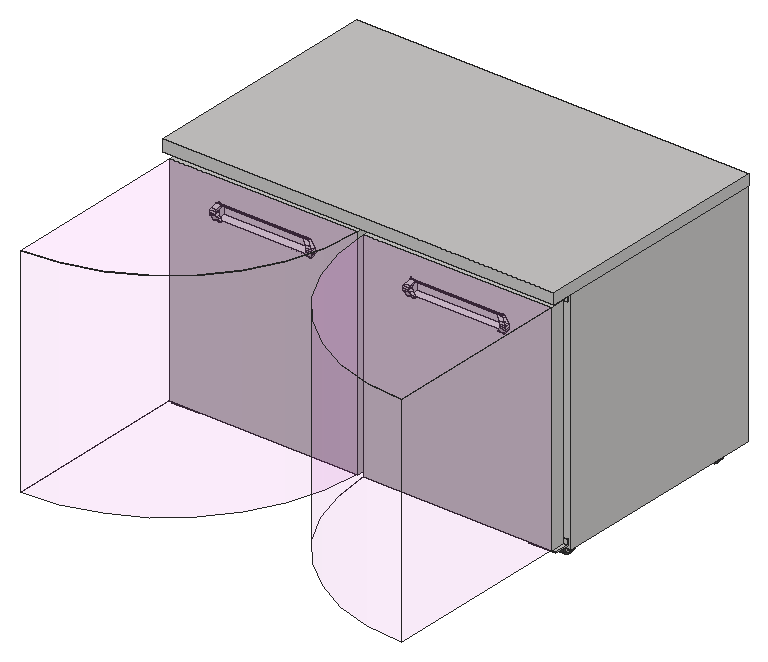
Revit family "Qf_Kelvinator_738332_KCHUC48R-32_2-Door_Under_Counter_Refrigerator_48_Long_32.5_Tall", category Specialty Equipment, Revit 2021
Family settings
  Round Connector Dimension = Use Diameter
  Part Type = Normal
  Work Plane-Based = No
  Always vertical = Yes
  Cut with Voids When Loaded = No
  Shared = No
  Room Calculation Point = No
Parameters
  Weight in Pounds = 176.37
  Watts = if(Phase = 3, Volts * FL Amps * 1.73, Volts * FL Amps)  # 345 W
  Volts = 115 V
  URL Cutsheet = ""
  Specification by User = ""
  Specification by Manufacturer = ""
  Show Clearance [instance] = yes
  Serial Number = ""
  Seismic Rating = ""
  SMACNA No = ""
  Revision Code = ""
  Refrigerant Type = "R600a"
  Phase = 1
  Number of Poles = 1
  NAFEM Spec ID Number = ""
  Model = "738332 (KCHUC48R-32)"
  Min Ckt Ampacity = 0 A
  Max Overcurrent Protection = 0 A
  Masterspec = ""
  Manufacturer = "Kelvinator Commercial"
  Length = 48 1/4"
  Item Number = "738332"
  Installed By = ""
  Identify Quantity as Lot = yes
  Height = 32 1/16"
  HP = "1/8"
  Furnished By = ""
  Foodservice Equipment Identifier = yes
  FL Amps = 3 A
  Electrical Remarks = ""
  Electric Connection Type = ""
  Elec Conn RI Height = 0"
  Elec Conn Connection Height = 0"
  Description = "2-Door Under Counter Refrigerator 48\" Long 32.5\" Tall"
  Depth = 29 15/16"
  Default Elevation = 0"
  Cycle = 60 Hz
  Conn Plug = "5-15P"
  Conn Conduit = yes
  CSI MasterFormat = ""
  Apparent Power = if(Phase = 3, Volts * FL Amps * 1.73, Volts * FL Amps)  # 345 VA
Reference planes (in)
  plane 1 "BACK": y = 0
  plane 2: z = 0
  plane 3 "LEFT": x = 0
  plane 4 "RIGHT": x = 48.22835
  plane 5 "FRONT": y = -29.92126
  plane 6 "TOP": z = 32.08661
  plane 7 "Center Y": x = 24.11417
  plane 8 "Center X": y = -14.96063
  plane 9 "Base Height": z = 2.3622
  plane 10: x = 43.89764
  plane 11: x = 48.25
  plane 12: y = -29.9375
  plane 13: z = 32.0625
Forms (in)
  Extrusion 1, solid, material "QF_Metal - Stainless - Polished"
    sketch origin (0, 0, 32.08661) x (-1, 0, 0) y (0, -1, 0)
      loop
        line (0, 0) -> (0, 29.9375) -> (-48.25, 29.9375) -> (-48.25, 0) -> (0, 0)
    from -0.02411 to -1.37795
  Extrusion 2, solid, material "QF_Metal - Stainless - Polished"
    sketch origin (48.25, 0, 32.08661) x (0, -1, 0) y (0, 0, -1)
      loop
        line (0, 1.37795) -> (27.19734, 1.37795) -> (27.19734, 29.72441) -> (11.81102, 29.72441) -> (11.81102, 20.19685) -> (0, 20.19685) -> (0, 1.37795)
    from -2.30315 to -45.9252
  Extrusion 3, solid, material "QF_Metal - Stainless - Polished"
    sketch origin (0, 0, 0) x (1, 0, 0) y (0, 0, 1)
      loop
        line (2.30315, 2.3622) -> (2.30315, 30.70866) -> (0.09843, 30.70866) -> (0.09843, 2.3622) -> (2.30315, 2.3622)
      loop
        line (48.12992, 30.70866) -> (45.9252, 30.70866) -> (45.9252, 2.3622) -> (48.12992, 2.3622) -> (48.12992, 30.70866)
    from 0 to 27.1811
  Extrusion 4, solid, material "QF_Metal - Stainless - Polished"
    sketch origin (0, 0, 0) x (0, 1, 0) y (0, 0, 1)
      loop
        arc (-27.1811, 30.2126) -> (-27.23876, 30.35179) -> (-27.37795, 30.40945) r 0.19685
        line (-27.37795, 30.40945) -> (-29.08661, 30.40945) -> (-29.08661, 30.29134) -> (-27.29921, 30.29134) -> (-27.29921, 29.66142) -> (-27.1811, 29.66142) -> (-27.1811, 30.2126)
    from 0.45276 to 3.75984
  Extrusion 5, solid, material "QF_Metal - Stainless - Polished"
    sketch origin (0, -27.1811, 0) x (1, 0, 0) y (0, 0, 1)
      loop
        line (23.72047, 29.96063) -> (0.61024, 29.96063) -> (0.61024, 3.16929) -> (23.72047, 3.16929) -> (23.72047, 29.96063)
      loop
        line (24.50787, 29.96063) -> (24.50787, 3.16929) -> (47.61811, 3.16929) -> (47.61811, 29.96063) -> (24.50787, 29.96063)
    from 0.61024 to 2.3937
  Revolve 6, solid, material "QF_Metal - Stainless - Polished"
    sketch origin (1.20079, -180, 31.37695) x (0, 0, 1) y (0, -1, 0)
      loop
        line (-1.41632, -151.31693) -> (-1.41632, -151.45472) -> (-0.9675, -151.45472)
        arc (-0.9675, -151.45472) -> (-0.93232, -151.44015) -> (-0.91774, -151.40497) r 0.04975
        line (-0.91774, -151.40497) -> (-0.91774, -151.31693) -> (-1.41632, -151.31693)
      axis (-0.91774, -151.31693) -> (-1.41632, -151.31693)
    angle from 0 to 360
  Extrusion 7, solid, material "QF_Metal - Stainless - Polished"
    sketch origin (48.22835, 0, 0) x (0, 1, 0) y (0, 0, -1)
      loop
        line (-27.1811, -30.2126) -> (-27.1811, -29.66142) -> (-27.29921, -29.66142) -> (-27.29921, -30.29134) -> (-29.08661, -30.29134) -> (-29.08661, -30.40945) -> (-27.37795, -30.40945)
        arc (-27.37795, -30.40945) -> (-27.23876, -30.35179) -> (-27.1811, -30.2126) r 0.19685
    from 0.45276 to 3.75984
  Revolve 8, solid, material "QF_Metal - Stainless - Polished"
    sketch origin (47.02756, -180, 31.37695) x (0, 0, 1) y (0, 1, 0)
      loop
        line (-1.41632, 151.31693) -> (-0.91774, 151.31693) -> (-0.91774, 151.40497)
        arc (-0.91774, 151.40497) -> (-0.93232, 151.44015) -> (-0.9675, 151.45472) r 0.04975
        line (-0.9675, 151.45472) -> (-1.41632, 151.45472) -> (-1.41632, 151.31693)
      axis (-0.91774, 151.31693) -> (-1.41632, 151.31693)
    angle from 0 to 360
  Extrusion 9, solid, material "QF_Metal - Stainless - Polished"
    sketch origin (0, 0, 33.12992) x (0, 1, 0) y (0, 0, 1)
      loop
        line (-27.1811, -30.2126) -> (-27.1811, -29.66142) -> (-27.29921, -29.66142) -> (-27.29921, -30.29134) -> (-29.08661, -30.29134) -> (-29.08661, -30.40945) -> (-27.37795, -30.40945)
        arc (-27.37795, -30.40945) -> (-27.23876, -30.35179) -> (-27.1811, -30.2126) r 0.19685
    from 0.45276 to 3.75984
  Revolve 10, solid, material "QF_Metal - Stainless - Polished"
    sketch origin (1.20079, -180, 1.75298) x (0, 0, -1) y (0, 1, 0)
      loop
        line (-1.41632, 151.31693) -> (-0.91774, 151.31693) -> (-0.91774, 151.40497)
        arc (-0.91774, 151.40497) -> (-0.93232, 151.44015) -> (-0.9675, 151.45472) r 0.04975
        line (-0.9675, 151.45472) -> (-1.41632, 151.45472) -> (-1.41632, 151.31693)
      axis (-0.91774, 151.31693) -> (-1.41632, 151.31693)
    angle from 0 to 360
  Extrusion 11, solid, material "QF_Metal - Stainless - Polished"
    sketch origin (48.22835, 0, 33.12992) x (0, 1, 0) y (0, 0, -1)
      loop
        arc (-27.1811, 30.2126) -> (-27.23876, 30.35179) -> (-27.37795, 30.40945) r 0.19685
        line (-27.37795, 30.40945) -> (-29.08661, 30.40945) -> (-29.08661, 30.29134) -> (-27.29921, 30.29134) -> (-27.29921, 29.66142) -> (-27.1811, 29.66142) -> (-27.1811, 30.2126)
    from 0.45276 to 3.75984
  Revolve 12, solid, material "QF_Metal - Stainless - Polished"
    sketch origin (47.02756, -180, 1.75298) x (0, 0, -1) y (0, -1, 0)
      loop
        line (-1.41632, -151.31693) -> (-1.41632, -151.45472) -> (-0.9675, -151.45472)
        arc (-0.9675, -151.45472) -> (-0.93232, -151.44015) -> (-0.91774, -151.40497) r 0.04975
        line (-0.91774, -151.40497) -> (-0.91774, -151.31693) -> (-1.41632, -151.31693)
      axis (-0.91774, -151.31693) -> (-1.41632, -151.31693)
    angle from 0 to 360
  Extrusion 13, void
    sketch origin (0.61024, -27.1811, 30.40945) x (0, 0, 1) y (0, 1, 0)
      loop
        line (-3.18898, -2.3937) -> (-2.568, -2.10413) -> (-2.568, -1.51358) -> (-4.86745, -1.51358) -> (-5.10327, -2.3937) -> (-5.10327, -2.89858) -> (-3.18898, -2.89858) -> (-3.18898, -2.3937)
    from -5.95737 to -17.20361
  Extrusion 14, solid, material "QF_Metal - Stainless - Polished"
    sketch origin (0.61024, -27.1811, 30.40945) x (0, 0, 1) y (0, 1, 0)
      loop
        arc (-4.01855, -2.88583) -> (-3.90374, -2.87427) -> (-3.79354, -2.84005) r 0.57588
        line (-3.79354, -2.84005) -> (-3.2345, -2.60275)
        arc (-3.2345, -2.60275) -> (-3.20123, -2.5711) -> (-3.18898, -2.52684) r 0.08605
        line (-3.18898, -2.52684) -> (-3.18898, -2.3937) -> (-5.15748, -2.3937) -> (-5.15748, -2.52684)
        arc (-5.15748, -2.52684) -> (-5.14523, -2.5711) -> (-5.11196, -2.60275) r 0.08605
        line (-5.11196, -2.60275) -> (-4.55294, -2.84004)
        arc (-4.55294, -2.84004) -> (-4.44272, -2.87426) -> (-4.32788, -2.88583) r 0.57598
        line (-4.32788, -2.88583) -> (-4.01855, -2.88583)
    from -5.01972 to -18.08409
  Extrusion 15, void
    sketch origin (0, -29.5748, 0) x (1, 0, 0) y (0, 0, 1)
      loop
        arc (6.17507, 25.29885) -> (6.21236, 25.26444) -> (6.26155, 25.25197) r 0.10321
        line (6.26155, 25.25197) -> (6.99338, 25.25197)
        arc (6.99338, 25.25197) -> (7.02283, 25.2695) -> (7.02145, 25.30374) r 0.0335
        line (7.02145, 25.30374) -> (6.65868, 25.86078)
        arc (6.65868, 25.86078) -> (6.59086, 26.00753) -> (6.56761, 26.16752) r 0.5621
        line (6.56761, 26.16752) -> (6.56761, 26.29014)
        arc (6.56761, 26.29014) -> (6.5829, 26.38951) -> (6.62737, 26.47968) r 0.33045
        line (6.62737, 26.47968) -> (7.04008, 27.06909)
        arc (7.04008, 27.06909) -> (7.11044, 27.13079) -> (7.20133, 27.15304) r 0.19685
        line (7.20133, 27.15304) -> (17.1466, 27.15304)
        arc (17.1466, 27.15304) -> (17.2375, 27.13079) -> (17.30785, 27.06909) r 0.19685
        line (17.30785, 27.06909) -> (17.72057, 26.47968)
        arc (17.72057, 26.47968) -> (17.76503, 26.38951) -> (17.78033, 26.29014) r 0.33045
        line (17.78033, 26.29014) -> (17.78033, 26.16752)
        arc (17.78033, 26.16752) -> (17.75708, 26.00753) -> (17.68925, 25.86078) r 0.5621
        line (17.68925, 25.86078) -> (17.32649, 25.30374)
        arc (17.32649, 25.30374) -> (17.32511, 25.2695) -> (17.35456, 25.25197) r 0.0335
        line (17.35456, 25.25197) -> (18.08638, 25.25197)
        arc (18.08638, 25.25197) -> (18.13557, 25.26444) -> (18.17287, 25.29885) r 0.10321
        line (18.17287, 25.29885) -> (18.46505, 25.74751)
        arc (18.46505, 25.74751) -> (18.51488, 25.8618) -> (18.5247, 25.98609) r 0.37698
        line (18.5247, 25.98609) -> (18.50135, 26.253)
        arc (18.50135, 26.253) -> (18.48126, 26.34359) -> (18.43842, 26.42589) r 0.35543
        line (18.43842, 26.42589) -> (17.93812, 27.14039)
        arc (17.93812, 27.14039) -> (17.871, 27.19925) -> (17.78429, 27.22047) r 0.1878
        line (17.78429, 27.22047) -> (6.56365, 27.22047)
        arc (6.56365, 27.22047) -> (6.47693, 27.19925) -> (6.40981, 27.14039) r 0.1878
        line (6.40981, 27.14039) -> (5.90952, 26.42589)
        arc (5.90952, 26.42589) -> (5.86667, 26.34359) -> (5.84659, 26.253) r 0.35543
        line (5.84659, 26.253) -> (5.82324, 25.98609)
        arc (5.82324, 25.98609) -> (5.83306, 25.8618) -> (5.88288, 25.74751) r 0.37698
        line (5.88288, 25.74751) -> (6.17507, 25.29885)
      loop
        line (5.45539, 27.70848) -> (5.45539, 24.83052) -> (18.87532, 24.83052) -> (18.87532, 27.70848) -> (5.45539, 27.70848)
      loop
        line (42.05328, 25.29885) -> (42.34546, 25.74751)
        arc (42.34546, 25.74751) -> (42.39529, 25.8618) -> (42.40511, 25.98609) r 0.37698
        line (42.40511, 25.98609) -> (42.38176, 26.253)
        arc (42.38176, 26.253) -> (42.36167, 26.34359) -> (42.31883, 26.42589) r 0.35543
        line (42.31883, 26.42589) -> (41.81853, 27.14039)
        arc (41.81853, 27.14039) -> (41.75141, 27.19925) -> (41.6647, 27.22047) r 0.1878
        line (41.6647, 27.22047) -> (30.44406, 27.22047)
        arc (30.44406, 27.22047) -> (30.35734, 27.19925) -> (30.29022, 27.14039) r 0.1878
        line (30.29022, 27.14039) -> (29.78993, 26.42589)
        arc (29.78993, 26.42589) -> (29.74708, 26.34359) -> (29.727, 26.253) r 0.35543
        line (29.727, 26.253) -> (29.70365, 25.98609)
        arc (29.70365, 25.98609) -> (29.71347, 25.8618) -> (29.7633, 25.74751) r 0.37698
        line (29.7633, 25.74751) -> (30.05548, 25.29885)
        arc (30.05548, 25.29885) -> (30.09278, 25.26444) -> (30.14196, 25.25197) r 0.10321
        line (30.14196, 25.25197) -> (30.87379, 25.25197)
        arc (30.87379, 25.25197) -> (30.90324, 25.2695) -> (30.90186, 25.30374) r 0.0335
        line (30.90186, 25.30374) -> (30.5391, 25.86078)
        arc (30.5391, 25.86078) -> (30.47127, 26.00753) -> (30.44802, 26.16752) r 0.5621
        line (30.44802, 26.16752) -> (30.44802, 26.29014)
        arc (30.44802, 26.29014) -> (30.46331, 26.38951) -> (30.50778, 26.47968) r 0.33045
        line (30.50778, 26.47968) -> (30.92049, 27.06909)
        arc (30.92049, 27.06909) -> (30.99085, 27.13079) -> (31.08174, 27.15304) r 0.19685
        line (31.08174, 27.15304) -> (41.02701, 27.15304)
        arc (41.02701, 27.15304) -> (41.11791, 27.13079) -> (41.18826, 27.06909) r 0.19685
        line (41.18826, 27.06909) -> (41.60098, 26.47968)
        arc (41.60098, 26.47968) -> (41.64544, 26.38951) -> (41.66074, 26.29014) r 0.33045
        line (41.66074, 26.29014) -> (41.66074, 26.16752)
        arc (41.66074, 26.16752) -> (41.63749, 26.00753) -> (41.56966, 25.86078) r 0.5621
        line (41.56966, 25.86078) -> (41.2069, 25.30374)
        arc (41.2069, 25.30374) -> (41.20552, 25.2695) -> (41.23497, 25.25197) r 0.0335
        line (41.23497, 25.25197) -> (41.96679, 25.25197)
        arc (41.96679, 25.25197) -> (42.01598, 25.26444) -> (42.05328, 25.29885) r 0.10321
      loop
        line (42.77296, 27.70848) -> (29.35303, 27.70848) -> (29.35303, 24.83052) -> (42.77296, 24.83052) -> (42.77296, 27.70848)
    from 0 to 0.84096
  Extrusion 16, void
    sketch origin (35.80709, -27.1811, 30.40945) x (0, 0, 1) y (0, -1, 0)
      loop
        line (-3.18898, 2.3937) -> (-3.18898, 2.89858) -> (-5.10327, 2.89858) -> (-5.10327, 2.3937) -> (-4.86745, 1.51358) -> (-2.568, 1.51358) -> (-2.568, 2.10413) -> (-3.18898, 2.3937)
    from 5.85365 to -5.47244
  Extrusion 17, solid, material "QF_Metal - Stainless - Polished"
    sketch origin (47.61811, -27.1811, 3.16929) x (0, 0, 1) y (0, -1, 0)
      loop
        line (24.00566, 2.60275) -> (23.44662, 2.84005)
        arc (23.44662, 2.84005) -> (23.33642, 2.87427) -> (23.22161, 2.88583) r 0.57588
        line (23.22161, 2.88583) -> (22.91227, 2.88583)
        arc (22.91227, 2.88583) -> (22.79744, 2.87426) -> (22.68722, 2.84004) r 0.57598
        line (22.68722, 2.84004) -> (22.1282, 2.60275)
        arc (22.1282, 2.60275) -> (22.09493, 2.5711) -> (22.08268, 2.52684) r 0.08605
        line (22.08268, 2.52684) -> (22.08268, 2.3937) -> (24.05118, 2.3937) -> (24.05118, 2.52684)
        arc (24.05118, 2.52684) -> (24.03893, 2.5711) -> (24.00566, 2.60275) r 0.08605
    from -5.02735 to -18.07454
  Extrusion 18, solid, material "QF_Metal - Stainless - Polished"
    sketch origin (0.09843, 0, 2.3622) x (0, 0, 1) y (0, 1, 0)
      loop
        line (0, -11.81102) -> (0, 0) -> (-0.70866, 0) -> (-0.70866, -0.31496) -> (-0.64961, -0.31496) -> (-0.64961, -0.05906) -> (-0.05906, -0.05906) -> (-0.05906, -11.75197) -> (-0.64961, -11.75197) -> (-0.64961, -11.49606) -> (-0.70866, -11.49606) -> (-0.70866, -11.81102) -> (0, -11.81102)
      loop
        line (0, -27.02362) -> (0, -21.82677) -> (-0.70866, -21.82677) -> (-0.70866, -22.14173) -> (-0.64961, -22.14173) -> (-0.64961, -21.88583) -> (-0.05906, -21.88583) -> (-0.05906, -27.02362) -> (0, -27.02362)
    from -0.94882 to -47.08268
  Extrusion 19, solid, material "QF_Metal - Stainless - Polished"
    sketch origin (0, 0, 0) x (-1, 0, 0) y (0, 0, 1)
      loop
        line (-2.30315, 11.88976) -> (-45.9252, 11.88976) -> (-45.9252, 2.3622) -> (-2.30315, 2.3622) -> (-2.30315, 11.88976)
    from 0 to -0.0626
  Extrusion 20, solid, material "QF_Rubber - Black - Smooth"
    sketch origin (-0.3937, 0, 0) x (-1, 0, 0) y (0, 0, 1)
      loop
        circle (-44.29134, 10.77165) r 0.25
    from 0 to 0.0626
  Extrusion 21, solid, material "QF_Clearances_Door_Drawer", visible <- "Show Clearance"
    sketch origin (18.60236, -27.1811, 3.16929) x (0, -1, 0) y (-1, 0, 0)
      loop
        line (2.3937, -5.90551) -> (2.3937, -29.01575) -> (25.50394, -29.01575)
        arc (25.50394, -29.01575) -> (18.73511, -12.67434) -> (2.3937, -5.90551) r 23.11024
      loop
        arc (2.3937, -5.11811) -> (18.73511, 1.65072) -> (25.50394, 17.99213) r 23.11024
        line (25.50394, 17.99213) -> (2.3937, 17.99213) -> (2.3937, -5.11811)
    from 0 to -26.79134
  Extrusion 22, solid, material "QF_Rubber - Black - Smooth"
    sketch origin (0, -27.79134, 0) x (-1, 0, 0) y (0, 0, 1)
      loop
        line (-1.11024, 29.46063) -> (-23.22047, 29.46063) -> (-23.22047, 3.66929) -> (-1.11024, 3.66929) -> (-1.11024, 29.46063)
      loop
        line (-47.11811, 29.46063) -> (-47.11811, 3.66929) -> (-25.00787, 3.66929) -> (-25.00787, 29.46063) -> (-47.11811, 29.46063)
    from 0 to 0.61024
Cuts and joins
  joined: Extrusion 2, Extrusion 3
  Extrusion 13, Extrusion 16 cuts Extrusion 5
  Extrusion 15, Extrusion 16 cuts Extrusion 14
  Extrusion 15 cuts Extrusion 17
Lines and regions (in)
  symbolic lines
    curve 1: line (0, 0, 32.08661) -> (48.25, 0, 32.08661)
    curve 2: line (0, -29.9375, 32.08661) -> (0, 0, 32.08661)
    curve 3: line (48.25, -29.9375, 32.08661) -> (0, -29.9375, 32.08661)
    curve 4: line (48.25, 0, 32.08661) -> (48.25, -29.9375, 32.08661)
  symbolic lines, style "QF_Clearances_Door_Drawer", visible <- "Show Clearance"
    curve 5: line (46.9899, -29.9375, 32.08661) -> (27.60406, -41.12992, 32.08661)
    curve 6: arc (27.60406, -41.12992, 32.08661) -> (25.34296, -35.73116, 32.08661) -> (24.51072, -29.9375, 32.08661) r 23.11024
    curve 7: line (1.23845, -29.9375, 32.08661) -> (20.62429, -41.12992, 32.08661)
    curve 8: arc (20.62429, -41.12992, 32.08661) -> (22.88539, -35.73116, 32.08661) -> (23.71763, -29.9375, 32.08661) r 23.11024
Dimensions and locks (in)
  equal spacing: plane 3 "LEFT", plane 7 "Center Y", plane 4 "RIGHT"
  plane 3 "LEFT" to plane 4 "RIGHT" = 48.22835"
  equal spacing: plane 5 "FRONT", plane 8 "Center X", plane 1 "BACK"
  plane 5 "FRONT" to plane 1 "BACK" = 29.92126"
  plane 6 "TOP" to level = 32.08661"
  plane 9 "Base Height" to level = 2.3622"
  plane 6 "TOP" to plane 9 "Base Height" = 29.72441"
  plane 10 to plane 4 "RIGHT" = 4.33071"
  plane 3 "LEFT" to plane 11 = 48 1/4"
  plane 12 to plane 1 "BACK" = 29 15/16"
  plane 13 to level = 32 1/16"
  aligned and locked: level to plane 2
Automatic sketch dimensions
  plane 1 "BACK" to Extrusion 1 sketch curve = 0"
  Extrusion 1 sketch curve to plane 4 "RIGHT" = 0.02165"
  Extrusion 1 sketch curve to plane 3 "LEFT" = 0"
  plane 5 "FRONT" to Extrusion 1 sketch curve = 0.01624"
  Extrusion 2 sketch curve to Extrusion 1 = 0"  (x2)
  Extrusion 1 to Extrusion 2 sketch curve = 11.81102"
  Extrusion 1 to Extrusion 2 sketch curve = 2.74016"
  Extrusion 2 sketch curve to Extrusion 1 = 18.8189"
  Extrusion 2 sketch curve to Extrusion 2 sketch curve = 9.52756"
  Extrusion 3 sketch curve to plane 9 "Base Height" = 0"  (x2)
  plane 3 "LEFT" to Extrusion 3 sketch curve = 0.09843"
  Extrusion 3 sketch curve to Extrusion 3 sketch curve = 2.20472"
  plane 4 "RIGHT" to Extrusion 3 sketch curve = 2.30315"
  plane 4 "RIGHT" to Extrusion 3 sketch curve = 0.09843"
  Extrusion 3 sketch curve to plane 6 "TOP" = 1.37795"  (x2)
  Extrusion 4 sketch curve to plane 5 "FRONT" = 0.83465"
  Extrusion 4 sketch curve to Extrusion 4 sketch curve = 1.70866"
  Extrusion 4 sketch curve to Extrusion 4 sketch curve = 0.07874"
  Extrusion 4 sketch curve to Extrusion 4 sketch curve = 0.11811"  (x2)
  Extrusion 4 sketch curve to plane 6 "TOP" = 2.4252"
  Extrusion 4 sketch curve to Extrusion 4 sketch curve = 0.55118"
  Revolve 6 sketch curve to plane 6 "TOP" = 2.12598"
  Revolve 6 sketch curve to Revolve 6 sketch curve = 0.44882"
  Revolve 6 sketch curve to Revolve 6 sketch curve = 0.04975"
  Revolve 6 sketch curve to plane 5 "FRONT" = 1.37598"
  Revolve 6 sketch curve to Revolve 6 sketch curve = 0.1378"
  Revolve 6 sketch curve to Revolve 6 sketch curve = 0.68421"
  Revolve 6 sketch curve to Revolve 6 sketch curve = 0"  (x2)
  Extrusion 7 sketch curve to plane 5 "FRONT" = 0.83465"
  Extrusion 7 sketch curve to Extrusion 7 sketch curve = 1.70866"
  Extrusion 7 sketch curve to Extrusion 7 sketch curve = 0.07874"  (x2)
  Extrusion 7 sketch curve to Extrusion 7 sketch curve = 0.11811"
  Extrusion 7 sketch curve to plane 6 "TOP" = 1.67717"
  Extrusion 7 sketch curve to Extrusion 7 sketch curve = 0.55118"
  Revolve 8 sketch curve to plane 6 "TOP" = 2.12598"
  Revolve 8 sketch curve to Revolve 8 sketch curve = 0.44882"
  Revolve 8 sketch curve to Revolve 8 sketch curve = 0.04975"
  Revolve 8 sketch curve to plane 5 "FRONT" = 1.23819"
  Revolve 8 sketch curve to Revolve 8 sketch curve = 0.08804"
  Revolve 8 sketch curve to Revolve 8 sketch curve = 0.68421"
  Revolve 8 sketch curve to Revolve 8 sketch curve = 0"  (x2)
  Extrusion 9 sketch curve to plane 5 "FRONT" = 0.83465"
  plane 9 "Base Height" to Extrusion 9 sketch curve = 0.35827"
  Extrusion 9 sketch curve to Extrusion 9 sketch curve = 1.70866"
  Extrusion 9 sketch curve to Extrusion 9 sketch curve = 0.07874"  (x2)
  Extrusion 9 sketch curve to Extrusion 9 sketch curve = 0.11811"
  Extrusion 9 sketch curve to Extrusion 9 sketch curve = 0.55118"
  plane 9 "Base Height" to Revolve 10 sketch curve = 0.80709"
  plane 9 "Base Height" to Revolve 10 sketch curve = 0.35827"
  Revolve 10 sketch curve to Revolve 10 sketch curve = 0.04975"
  Revolve 10 sketch curve to plane 5 "FRONT" = 1.23819"
  Revolve 10 sketch curve to Revolve 10 sketch curve = 0.08804"
  Revolve 10 sketch curve to Revolve 10 sketch curve = 0.68421"
  Revolve 10 sketch curve to Revolve 10 sketch curve = 0"  (x2)
  Extrusion 11 sketch curve to plane 5 "FRONT" = 0.83465"
  plane 9 "Base Height" to Extrusion 11 sketch curve = 0.35827"
  Extrusion 11 sketch curve to Extrusion 11 sketch curve = 1.70866"
  Extrusion 11 sketch curve to Extrusion 11 sketch curve = 0.07874"
  Extrusion 11 sketch curve to Extrusion 11 sketch curve = 0.11811"  (x2)
  Extrusion 11 sketch curve to Extrusion 11 sketch curve = 0.55118"
  plane 9 "Base Height" to Revolve 12 sketch curve = 0.80709"
  plane 9 "Base Height" to Revolve 12 sketch curve = 0.35827"
  Revolve 12 sketch curve to Revolve 12 sketch curve = 0.04975"
  Revolve 12 sketch curve to plane 5 "FRONT" = 1.37598"
  Revolve 12 sketch curve to Revolve 12 sketch curve = 0.1378"
  Revolve 12 sketch curve to Revolve 12 sketch curve = 0.68421"
  Revolve 12 sketch curve to Revolve 12 sketch curve = 0"  (x2)
  Extrusion 13 sketch curve to Extrusion 5 = 0"  (x2)
  Extrusion 5 to Extrusion 13 sketch curve = 4.65445"
  Extrusion 13 sketch curve to Extrusion 13 sketch curve = 0.23583"
  Extrusion 13 sketch curve to Extrusion 13 sketch curve = 1.67847"
  Extrusion 5 to Extrusion 13 sketch curve = 0.28957"
  Extrusion 13 sketch curve to Extrusion 13 sketch curve = 0.62098"
  Extrusion 13 sketch curve to Extrusion 5 = 0.50488"
  Extrusion 13 sketch curve to Extrusion 13 sketch curve = 0.59055"
  Extrusion 14 sketch curve to Extrusion 5 = 0"
  Extrusion 14 sketch curve to Extrusion 5 = 0.13314"  (x2)
  Extrusion 5 to Extrusion 14 sketch curve = 4.70866"
  Extrusion 14 sketch curve to Extrusion 5 = 0.20905"  (x2)
  Extrusion 14 sketch curve to Extrusion 14 sketch curve = 0.04552"
  Extrusion 14 sketch curve to Extrusion 5 = 0.44634"
  Extrusion 14 sketch curve to Extrusion 14 sketch curve = 0.51849"
  Extrusion 14 sketch curve to Extrusion 14 sketch curve = 0.22505"
  Extrusion 14 sketch curve to Extrusion 14 sketch curve = 0.30933"
  Extrusion 14 sketch curve to Extrusion 5 = 0.44635"
  Extrusion 14 sketch curve to Extrusion 14 sketch curve = 0.22501"
  Extrusion 14 sketch curve to Extrusion 14 sketch curve = 0.51851"
  Extrusion 14 sketch curve to Extrusion 14 sketch curve = 0.04053"
  Extrusion 14 sketch curve to Extrusion 14 sketch curve = 0.04578"
  Extrusion 16 sketch curve to plane 5 "FRONT" = 0.34646"  (x2)
  Extrusion 16 sketch curve to plane 6 "TOP" = 6.78044"
  Extrusion 16 sketch curve to Extrusion 16 sketch curve = 0.23583"
  Extrusion 16 sketch curve to Extrusion 16 sketch curve = 1.67847"
  Extrusion 16 sketch curve to Extrusion 16 sketch curve = 0.62098"
  Extrusion 16 sketch curve to plane 5 "FRONT" = 0.63603"
  Extrusion 16 sketch curve to Extrusion 16 sketch curve = 0.88012"
  plane 5 "FRONT" to Extrusion 16 sketch curve = 0.15842"
  Extrusion 17 sketch curve to Extrusion 5 = 0"
  Extrusion 17 sketch curve to Extrusion 5 = 4.70866"
  Extrusion 17 sketch curve to Extrusion 5 = 0.20905"  (x2)
  Extrusion 17 sketch curve to Extrusion 17 sketch curve = 0.04552"
  Extrusion 17 sketch curve to Extrusion 17 sketch curve = 0.04053"  (x2)
  Extrusion 17 sketch curve to Extrusion 5 = 0.44634"
  Extrusion 17 sketch curve to Extrusion 17 sketch curve = 0.51849"
  Extrusion 17 sketch curve to Extrusion 17 sketch curve = 0.22505"
  Extrusion 5 to Extrusion 17 sketch curve = 0.08375"
  Extrusion 17 sketch curve to Extrusion 17 sketch curve = 0.30933"
  Extrusion 17 sketch curve to Extrusion 5 = 0.44635"
  Extrusion 17 sketch curve to Extrusion 17 sketch curve = 0.22501"
  Extrusion 17 sketch curve to Extrusion 5 = 0.13314"
  Extrusion 17 sketch curve to Extrusion 17 sketch curve = 0.51851"
  Extrusion 3 to Extrusion 19 sketch curve = 0"
  Extrusion 19 sketch curve to Extrusion 3 = 0"  (x2)
  Extrusion 19 sketch curve to Extrusion 3 = 9.52756"
  Extrusion 20 sketch curve to Extrusion 19 = 2.02756"
  Extrusion 20 sketch curve to Extrusion 19 = 1.11811"
  Extrusion 22 sketch curve to Extrusion 5 = 1/2"  (x8)
  plane 1 "BACK" to curve 1 = 0"
  curve 1 to plane 4 "RIGHT" = 0.02165"
  plane 5 "FRONT" to curve 6 = 0.01624"
  curve 2 to plane 3 "LEFT" = 0"
  plane 4 "RIGHT" to curve 6 = 0.61024"
  plane 7 "Center Y" to curve 5 = 3.48989"
  curve 7 to plane 7 "Center Y" = 3.48989"
  plane 3 "LEFT" to curve 8 = 0.61024"
  curve 6 to plane 5 "FRONT" = 0.34646"
  curve 8 to plane 5 "FRONT" = 0.34646"
  plane 5 "FRONT" to curve 5 = 11.20866"
  curve 7 to curve 5 = 0"
  curve 6 to curve 5 = 0.62821"
  curve 7 to curve 8 = 0.62821"
  Extrusion 5 sketch curve to Extrusion 3 = 0.51181"  (x2)
  Extrusion 5 sketch curve to Extrusion 3 = 0.74803"  (x2)
  Extrusion 3 to Extrusion 5 sketch curve = 21.41732"
  Extrusion 5 sketch curve to Extrusion 5 sketch curve = 0.7874"
  Extrusion 5 sketch curve to Extrusion 3 = 0.80709"
  Extrusion 5 sketch curve to Extrusion 5 sketch curve = 0"
  Extrusion 18 sketch curve to Extrusion 3 = 0"  (x3)
  Extrusion 18 sketch curve to Extrusion 3 = 0.05906"  (x2)
  Extrusion 3 to Extrusion 18 sketch curve = 0.05906"
  Extrusion 18 sketch curve to Extrusion 18 sketch curve = 0.59055"  (x3)
  Extrusion 18 sketch curve to Extrusion 18 sketch curve = 0.05906"  (x5)
  Extrusion 18 sketch curve to Extrusion 18 sketch curve = 0.25591"  (x3)
  Extrusion 18 sketch curve to Extrusion 18 sketch curve = 11.1811"
  Extrusion 18 sketch curve to Extrusion 18 sketch curve = 10.01575"
  Extrusion 3 to Extrusion 18 sketch curve = 0.15748"
  Extrusion 5 to Extrusion 21 sketch curve = 0"
  Extrusion 21 sketch curve to Extrusion 5 = 0"  (x3)
  Extrusion 5 to Extrusion 21 sketch curve = 23.11024"
  Extrusion 21 sketch curve to Extrusion 5 = 0.7874"
  Extrusion 15 sketch curve to Extrusion 5 = 2.25215"
  Extrusion 15 sketch curve to Extrusion 5 = 4.84515"  (x2)
  Extrusion 15 sketch curve to Extrusion 15 sketch curve = 0.36785"
  Extrusion 15 sketch curve to Extrusion 15 sketch curve = 0.02335"  (x2)
  Extrusion 15 sketch curve to Extrusion 5 = 4.21312"  (x2)
  Extrusion 15 sketch curve to Extrusion 15 sketch curve = 0.05965"  (x4)
  Extrusion 15 sketch curve to Extrusion 5 = 3.53474"  (x2)
  Extrusion 15 sketch curve to Extrusion 15 sketch curve = 0.06293"  (x4)
  Extrusion 15 sketch curve to Extrusion 15 sketch curve = 0.29218"  (x2)
  Extrusion 15 sketch curve to Extrusion 15 sketch curve = 0.3159"  (x4)
  Extrusion 15 sketch curve to Extrusion 15 sketch curve = 0.00189"  (x4)
  Extrusion 15 sketch curve to Extrusion 15 sketch curve = 0.08648"  (x4)
  Extrusion 15 sketch curve to Extrusion 5 = 2.82024"  (x4)
  Extrusion 15 sketch curve to Extrusion 15 sketch curve = 0.5003"  (x2)
  Extrusion 15 sketch curve to Extrusion 15 sketch curve = 0.15384"  (x2)
  Extrusion 15 sketch curve to Extrusion 15 sketch curve = 0.36694"  (x4)
  Extrusion 15 sketch curve to Extrusion 5 = 3.48095"  (x4)
  Extrusion 15 sketch curve to Extrusion 15 sketch curve = 0.05976"  (x4)
  Extrusion 15 sketch curve to Extrusion 5 = 4.09985"  (x2)
  Extrusion 15 sketch curve to Extrusion 15 sketch curve = 0.09108"  (x2)
  Extrusion 15 sketch curve to Extrusion 15 sketch curve = 0.27069"  (x4)
  Extrusion 15 sketch curve to Extrusion 15 sketch curve = 0.3347"  (x2)
  Extrusion 15 sketch curve to Extrusion 5 = 4.65689"  (x4)
  Extrusion 15 sketch curve to Extrusion 15 sketch curve = 0.02807"  (x4)
  Extrusion 15 sketch curve to Extrusion 5 = 2.89154"  (x4)
  Extrusion 15 sketch curve to Extrusion 15 sketch curve = 0.47643"  (x2)
  Extrusion 15 sketch curve to Extrusion 15 sketch curve = 0.23164"  (x4)
  Extrusion 15 sketch curve to Extrusion 15 sketch curve = 0.16125"  (x4)
  Extrusion 15 sketch curve to Extrusion 5 = 6.57387"
  Extrusion 15 sketch curve to Extrusion 15 sketch curve = 0.07163"  (x2)
  Extrusion 15 sketch curve to Extrusion 15 sketch curve = 0.10826"  (x2)
  Extrusion 15 sketch curve to Extrusion 15 sketch curve = 0.23938"  (x2)
  Extrusion 15 sketch curve to Extrusion 15 sketch curve = 0.47644"  (x2)
  Extrusion 15 sketch curve to Extrusion 15 sketch curve = 0.15383"  (x2)
  Extrusion 15 sketch curve to Extrusion 15 sketch curve = 0.39713"  (x2)
  Extrusion 15 sketch curve to Extrusion 15 sketch curve = 0.29115"  (x2)
  Extrusion 15 sketch curve to Extrusion 5 = 3.70763"  (x2)
  Extrusion 15 sketch curve to Extrusion 5 = 3.97454"  (x2)
  Extrusion 15 sketch curve to Extrusion 15 sketch curve = 0.9372"
  Extrusion 15 sketch curve to Extrusion 15 sketch curve = 0.35062"
  Extrusion 15 sketch curve to Extrusion 5 = 3.00444"
  Extrusion 15 sketch curve to Extrusion 5 = 6.5911"
  Extrusion 15 sketch curve to Extrusion 15 sketch curve = 0.71968"
  Extrusion 15 sketch curve to Extrusion 15 sketch curve = 0.44866"  (x2)
  Extrusion 15 sketch curve to Extrusion 15 sketch curve = 0.68724"  (x2)
  Extrusion 15 sketch curve to Extrusion 15 sketch curve = 0.01828"  (x4)
  Extrusion 15 sketch curve to Extrusion 15 sketch curve = 0.46833"  (x2)
  Extrusion 15 sketch curve to Extrusion 15 sketch curve = 0.23858"  (x2)
  Extrusion 15 sketch curve to Extrusion 15 sketch curve = 0.42936"  (x2)
  Extrusion 15 sketch curve to Extrusion 15 sketch curve = 0.20572"  (x2)
  Extrusion 15 sketch curve to Extrusion 15 sketch curve = 0.26879"  (x4)
  Extrusion 15 sketch curve to Extrusion 15 sketch curve = 0.11291"
  Extrusion 15 sketch curve to Extrusion 15 sketch curve = 0.10772"  (x2)
  Extrusion 15 sketch curve to Extrusion 15 sketch curve = 0.56809"
  radius of Extrusion 20 sketch curve = 1/4"
Nested families (in)
  nested 1: "2 INCHES_CASTER" at (45.25197, -2.16535, 0), type "2 INCHES_CASTER"
    with Type Mark "", Specification by User "", Revision Code "", Item Number "", Installed By "", Identify Quantity as Lot yes, Furnished By "", Foodservice Equipment Identifier yes, 2.5 Inches Caster yes
  nested 2: "2 INCHES_CASTER" at (45.25197, -25.01575, 0), type "2 INCHES_CASTER"
    with Type Mark "", Specification by User "", Revision Code "", Item Number "", Installed By "", Identify Quantity as Lot yes, Furnished By "", Foodservice Equipment Identifier yes, 2.5 Inches Caster yes
  nested 3: "2 INCHES_CASTER" at (2.97638, -2.16535, 0), type "2 INCHES_CASTER"
    with Type Mark "", Specification by User "", Revision Code "", Item Number "", Installed By "", Identify Quantity as Lot yes, Furnished By "", Foodservice Equipment Identifier yes, 2.5 Inches Caster yes
  nested 4: "2 INCHES_CASTER" at (2.97638, -25.01575, 0), type "2 INCHES_CASTER"
    with Type Mark "", Specification by User "", Revision Code "", Item Number "", Installed By "", Identify Quantity as Lot yes, Furnished By "", Foodservice Equipment Identifier yes, 2.5 Inches Caster yes
Connectors (in)
  electrical at (43.89764, 0.0626, 10.77165), driven by "Volts"
    settings: on Extrusion 20, index 1, voltage 115 V, apparent load 0 VA, apparent load phase1 0 VA, apparent load phase2 0 VA, apparent load phase3 0 VA, power factor 1, load classification "Other", number of poles 1, system type 30, power factor state 1, is connector primary yes, connector utility no, sub classification motor no, connector description "Electrical Connection"
Definition of nested family "2 INCHES_CASTER"
  Parameters (values of type "2 INCHES_CASTER")
    Weight = ""
    URL Manufacturer = ""
    URL Cutsheet = ""
    URL = ""
    Type Mark [instance] = ""
    Specification by User [instance] = ""
    Specification by Manufacturer = ""
    Serial Number = ""
    Seismic Rating = ""
    SMACNA No = ""
    Revision Code [instance] = ""
    Omniclass Number and Title = ""
    NAFEM Spec ID Number = ""
    Model = ""
    MasterSpec. = ""
    Manufacturer = ""
    Item Number [instance] = ""
    Installed By [instance] = ""
    Identify Quantity as Lot [instance] = yes
    Furnished By [instance] = ""
    Foodservice Equipment Identifier [instance] = yes
    Description = ""
    Default Elevation = 0"
    CSI MasterFormat = ""
    CSI Master Format = ""
    Assembly Code = ""
    2.5 Inches Caster [instance] = yes
  Reference planes (in)
    plane 1: z = 0
    plane 2 "RIGHT": x = 0
    plane 3 "FRONT": y = 0
    plane 4 "TOP": z = 2.30315
  Forms (in)
    Revolve 1, solid, visible <- "2.5 Inches Caster"
      sketch origin (-1.93794, 0.46818, -1.0041) x (1, 0, 0) y (0, 0, 1)
        loop
          line (0.74055, 1.86347) -> (0.74055, 1.78797) -> (0.79055, 1.73797) -> (0.85055, 1.73797) -> (0.85055, 1.6179) -> (1.235, 1.6179) -> (1.235, 1.55055) -> (1.38673, 1.46295) -> (1.4003, 1.3791) -> (1.34375, 1.3791) -> (1.34375, 1.2541) -> (1.375, 1.2541) -> (1.375, 1.0041) -> (2.48438, 1.0041) -> (2.48438, 1.2541) -> (2.51563, 1.2541) -> (2.51563, 1.3791) -> (2.45908, 1.3791) -> (2.47322, 1.46647) -> (2.62438, 1.55374) -> (2.62438, 1.6179) -> (3.04007, 1.6179) -> (3.04007, 1.73797) -> (3.10007, 1.73797) -> (3.15007, 1.78797) -> (3.15007, 1.86347) -> (0.74055, 1.86347)
        axis (0.74055, 1.86347) -> (3.15007, 1.86347)
      angle from 0 to 360
    Extrusion 2, solid, visible <- "2.5 Inches Caster"
      sketch origin (-1.93794, 1.43296, -3.41527) x (0, 1, 0) y (0, 0, 1)
        loop
          line (-0.64294, 5.3791) -> (-2.21294, 5.3791) -> (-2.21294, 5.24769) -> (-1.37414, 5.24769)
          arc (-1.37414, 5.24769) -> (-0.62115, 5.15851) -> (0.05138, 4.80832) r 2.10495
          line (0.05138, 4.80832) -> (0.12713, 4.91318)
          arc (0.12713, 4.91318) -> (-0.07255, 5.06376) -> (-0.29048, 5.18644) r 1.8753
          line (-0.29048, 5.18644) -> (-0.22239, 5.30423)
          arc (-0.22239, 5.30423) -> (-0.42936, 5.36024) -> (-0.64294, 5.3791) r 1.21859
      from 1.17357 to 2.70231
    Revolve 3, solid, visible <- "2.5 Inches Caster"
      sketch origin (0, 1.73858, -3.75) x (0, 1, 0) y (0, 0, 1)
        loop
          line (-1.73858, 5.71382) -> (-1.05793, 5.71382) -> (-1.05793, 6.05315) -> (-1.73858, 6.05315) -> (-1.73858, 5.71382)
        axis (-1.73858, 5.71382) -> (-1.73858, 6.05315)
      angle from 0 to 360
    Extrusion 4, solid, visible <- "2.5 Inches Caster"
      sketch origin (-1.98481, 1.43296, -1.7541) x (0, 1, 0) y (0, 0, 1)
        loop
          line (-2.21294, 3.71792) -> (-2.21294, 3.58652) -> (-1.94904, 3.58652)
          arc (-1.94904, 3.58652) -> (-1.56115, 3.28048) -> (-1.39241, 2.81612) r 0.90292
          arc (-1.39241, 2.81612) -> (-1.36136, 2.62044) -> (-1.29729, 2.43295) r 1.15385
          arc (-1.29729, 2.43295) -> (-0.94802, 2.21237) -> (-0.6121, 2.45278) r 0.37001
          arc (-0.6121, 2.45278) -> (-0.59625, 2.50123) -> (-0.58446, 2.55082) r 0.61695
          arc (-0.58446, 2.55082) -> (-0.36134, 2.95548) -> (0.05609, 3.15367) r 0.75313
          line (0.05609, 3.15367) -> (0.12713, 3.252)
          arc (0.12713, 3.252) -> (-0.07255, 3.40259) -> (-0.29048, 3.52526) r 1.8753
          line (-0.29048, 3.52526) -> (-0.22239, 3.64306)
          arc (-0.22239, 3.64306) -> (-0.42936, 3.69906) -> (-0.64294, 3.71792) r 1.21859
          line (-0.64294, 3.71792) -> (-2.21294, 3.71792)
      from 2.74918 to 2.90825
    Extrusion 5, solid, visible <- "2.5 Inches Caster"
      sketch origin (1.98481, 1.43296, -1.7541) x (0, 1, 0) y (0, 0, -1)
        loop
          arc (-0.58446, -2.55082) -> (-0.59625, -2.50123) -> (-0.6121, -2.45278) r 0.61695
          arc (-0.6121, -2.45278) -> (-0.94802, -2.21237) -> (-1.29729, -2.43295) r 0.37001
          arc (-1.29729, -2.43295) -> (-1.36136, -2.62044) -> (-1.39241, -2.81612) r 1.15385
          arc (-1.39241, -2.81612) -> (-1.56115, -3.28048) -> (-1.94904, -3.58652) r 0.90292
          line (-1.94904, -3.58652) -> (-2.21294, -3.58652) -> (-2.21294, -3.71792) -> (-0.64294, -3.71792)
          arc (-0.64294, -3.71792) -> (-0.42936, -3.69906) -> (-0.22239, -3.64306) r 1.21859
          line (-0.22239, -3.64306) -> (-0.29048, -3.52526)
          arc (-0.29048, -3.52526) -> (-0.07255, -3.40259) -> (0.12713, -3.252) r 1.8753
          line (0.12713, -3.252) -> (0.05609, -3.15367)
          arc (0.05609, -3.15367) -> (-0.36134, -2.95548) -> (-0.58446, -2.55082) r 0.75313
      from 2.74918 to 2.90825
  Lines and regions (in)
    symbolic lines, visible <- "2.5 Inches Caster"
      curve 1: line (0.10651, 1.59133, 0) -> (0.80944, 1.1855, 0)
      curve 2: line (-0.89349, -0.14072, 0) -> (0.10651, 1.59133, 0)
      curve 3: line (-0.19056, -0.54656, 0) -> (-0.89349, -0.14072, 0)
      curve 4: line (0.80944, 1.1855, 0) -> (-0.19056, -0.54656, 0)
  Dimensions and locks (in)
    plane 4 "TOP" to level = 2.30315"  (x2)
    aligned and locked: level to plane 1
